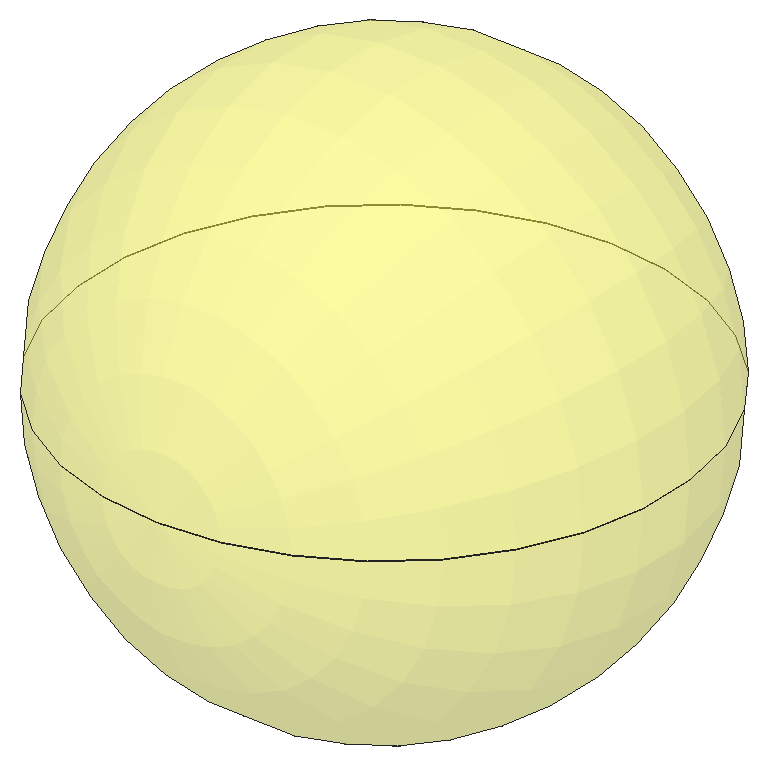
Revit family "ClashPoint_Small", category Обобщенные модели, Revit 2023
Family settings
  Может служить основой для арматурных стержней = Нет
  Размер круглого соединителя = Использовать диаметр
  Тип детали = Нормальный
  На основе рабочей плоскости = Нет
  Всегда вертикально = Да
  При загрузке вырезать с полостями = Нет
  Сохранять ориентацию аннотаций = Нет
  Общий = Нет
  Точка принадлежности помещению = Нет
Parameters (values of type "ClashPoint")
  Отметка по умолчанию = 0 mm
  Комментарии к типоразмеру = "ClashPoint"  # constant formula
  Ключевая пометка = "SYS"  # constant formula
  КП_Р_Диаметр [instance] = 600 mm
  КП_О_Версия семейства = "1.1"  # constant formula
  КП_О_Версия Revit = "2023"  # constant formula
  Группа модели = "Navisworks"  # constant formula
  АК_Создатель [instance] = ""
  АК_Координаты [instance] = ""
  АК_Дата [instance] = ""
  АК_ID_Элемент коллизии №2 [instance] = ""
  АК_ID_Элемент коллизии №1 [instance] = ""
  АК_ID_Экземпляр связи в модели [instance] = ""
Reference planes
  plane 1 "По центру (Вперед/Назад)": y = 0
  plane 2: z = 0
  plane 3 "По центру (Влево/Вправо)": x = 0
Forms (mm)
  Revolve 1, solid, material "NavisWorks_ClashObject"
    sketch origin (0, 0, 0) x (1, 0, 0) y (0, 1, 0)
      loop
        arc (0, 300) -> (-300, 0) -> (0, -300) r 300
        line (0, -300) -> (0, 300)
      axis (0, 300) -> (0, -300)
    angle from 0 to 360
Lines and regions (mm)
  model lines, style "NavisWorks_ClashPoint"
    curve 1: circle (0, 0, 0) r 300 normal (0, 0, 1)
    curve 2: circle (0, 0, 0) r 300 normal (0, -1, 0)
    curve 3: circle (0, 0, 0) r 300 normal (1, 0, 0)
    curve 4: line (0, -600, 0) -> (0, 600, 0)
    curve 5: line (-600, 0, 0) -> (600, 0, 0)
    curve 6: line (0, 0, -600) -> (0, 0, 600)
Dimensions and locks
  "КП_Р_Диаметр": plane 3 "По центру (Влево/Вправо)" to curve 5
  "КП_Р_Диаметр": curve 5 to plane 3 "По центру (Влево/Вправо)"
  "КП_Р_Диаметр": plane 1 "По центру (Вперед/Назад)" to curve 4
  "КП_Р_Диаметр": curve 4 to plane 1 "По центру (Вперед/Назад)"
  "КП_Р_Диаметр": curve 6 to level
  "КП_Р_Диаметр": level to curve 6
  "КП_Р_Диаметр": diameter of Revolve 1 sketch curve
  "КП_Р_Диаметр": diameter of curve 1
  "КП_Р_Диаметр": diameter of curve 2
  "КП_Р_Диаметр": diameter of curve 3
  aligned and locked: level to plane 2
Automatic sketch dimensions
  curve 3 to level = 0 mm
  curve 3 to plane 1 "По центру (Вперед/Назад)" = 0 mm
  plane 3 "По центру (Влево/Вправо)" to curve 6 = 0 mm
  curve 2 to level = 0 mm
  curve 2 to plane 3 "По центру (Влево/Вправо)" = 0 mm
  curve 4 to plane 3 "По центру (Влево/Вправо)" = 0 mm
  plane 1 "По центру (Вперед/Назад)" to curve 1 = 0 mm
  curve 1 to plane 3 "По центру (Влево/Вправо)" = 0 mm
  plane 1 "По центру (Вперед/Назад)" to curve 5 = 0 mm
  Revolve 1 sketch curve to plane 3 "По центру (Влево/Вправо)" = 0 mm  (x2)
  plane 1 "По центру (Вперед/Назад)" to Revolve 1 sketch curve = 0 mm
  Revolve 1 sketch curve to Revolve 1 sketch curve = 200 mm  (x2)
